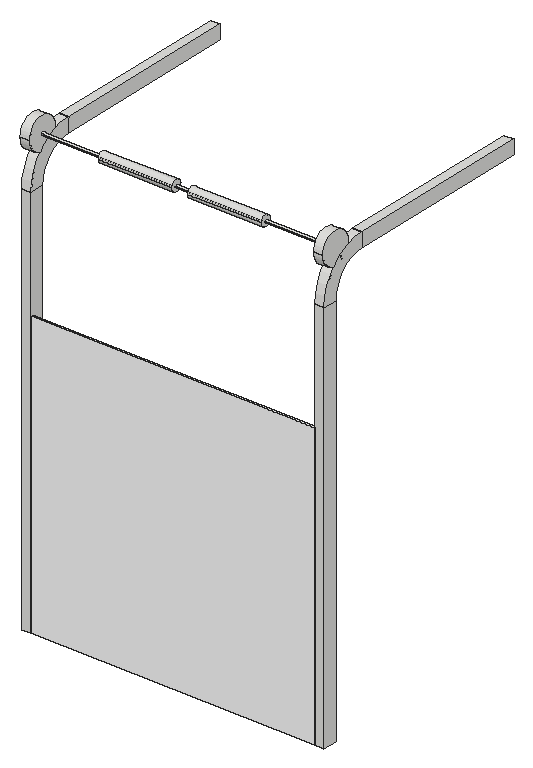
Revit family "Cruiserweight-NI-LH", category Generic Models, host Wall, Revit 2026
Family settings
  Host = Wall
  Can host rebar = No
  Round Connector Dimension = Use Diameter
  Part Type = Normal
  Always vertical = Yes
  Cut with Voids When Loaded = Yes
  Maintain Annotation Orientation = No
  Shared = No
  Room Calculation Point = No
Parameters (values of type "9' x 9'")
  VerticalTrack = TrackHeight - (1' 6")  # 12' - 6"
  Type Comments = "Non-Insulated"  # constant formula
  TrackWidth = 0' - 3 1/2"
  TrackHeight = OpeningHeight + HeadRoom  # 14' - 0"
  TrackDepth = 0' - 5 3/8"
  PanelSize = 2' - 0"  # constant formula
  OpeningWidth = 9' - 0"
  OpeningHeight = 9' - 0"
  Model = "Cruiserweight"  # constant formula
  Manufacturer = "TKO"  # constant formula
  HorizTrack = OpeningHeight - HeadRoom + 2' 0"  # 6' - 0"
  HeadRoom = 5' - 0"  # constant formula
  DoorThk = 0' - 0 3/4"  # constant formula
  Description = "Sectional Door"  # constant formula
  Default Elevation = 0' - 0"
Types (10): name | VerticalTrack | TrackHeight | OpeningWidth | OpeningHeight | HorizTrack
  (no name) | 12' - 6" | 14' - 0" | 9' - 0" | 9' - 0" | 6' - 0"
  8' x 10' | 13' - 6" | 15' - 0" | 8' - 0" | 10' - 0" | 7' - 0"
  9' x 10' | 13' - 6" | 15' - 0" | 9' - 0" | 10' - 0" | 7' - 0"
  10' x 10' | 13' - 6" | 15' - 0" | 10' - 0" | 10' - 0" | 7' - 0"
  10' x 8' | 11' - 6" | 13' - 0" | 10' - 0" | 8' - 0" | 5' - 0"
  10' x 9' | 12' - 6" | 14' - 0" | 10' - 0" | 9' - 0" | 6' - 0"
  8' x 9' | 12' - 6" | 14' - 0" | 8' - 0" | 9' - 0" | 6' - 0"
  8' x 8' | 11' - 6" | 13' - 0" | 8' - 0" | 8' - 0" | 5' - 0"
  9' x 9' | 12' - 6" | 14' - 0" | 9' - 0" | 9' - 0" | 6' - 0"
  9' x 8' | 12' - 6" | 14' - 0" | 9' - 0" | 9' - 0" | 6' - 0"
Reference planes (in)
  plane 1: y = 0
  plane 2 "Center (Left/Right)": x = 0
  plane 3 "Wall Edge": y = 3
  plane 4: x = -54
  plane 5: x = 54
  plane 6: z = 108
  plane 7: y = 3
  plane 8: y = 3.75
  plane 9: z = 24
  plane 10: z = 48
  plane 11: z = 72
  plane 12: x = -57.5
  plane 13: x = 57.5
  plane 14: y = 8.375
  plane 15: z = 168
  plane 16: z = 96
  plane 17: z = 120
  plane 18: x = -3
  plane 19: x = 3
  plane 20: x = 31
  plane 21: x = -31
  plane 22: z = 150
  plane 23: y = 21
  plane 24: y = 93
Forms (in)
  Extrusion 1, void
    sketch origin (0, 3, 0) x (1, 0, 0) y (0, 0, 1)
      loop
        line (54, 108) -> (-54, 108) -> (-54, 0) -> (54, 0) -> (54, 108)
    from 0 to 6
  Extrusion 2, solid, material "DOOR PANEL"
    sketch origin (0, 0, 0) x (1, 0, 0) y (0, 1, 0)
      loop
        line (-54, 3.75) -> (-54, 3) -> (54, 3) -> (54, 3.75) -> (-54, 3.75)
    from 0 to 108
  Extrusion 3, solid, material "Steel"
    sketch origin (0, 0, 0) x (1, 0, 0) y (0, 1, 0)
      loop
        line (-57.5, 8.375) -> (-57.5, 3) -> (-54, 3) -> (-54, 8.375) -> (-57.5, 8.375)
      loop
        line (54, 8.375) -> (54, 3) -> (57.5, 3) -> (57.5, 8.375) -> (54, 8.375)
    from 0 to 150
  Extrusion 4, solid, material "Steel"
    sketch origin (0, 0, 0) x (0, 1, 0) y (0, 0, 1)
      loop
        circle (8.375, 168) r 6
    from 54 to 57.5
  Extrusion 5, solid, material "Steel"
    sketch origin (0, -7.58278, 12.92056) x (0, 1, 0) y (0, 0, -1)
      loop
        circle (15.95778, -155.07944) r 6
    from 54 to 57.5
  Extrusion 6, solid, material "Steel"
    sketch origin (0, 0, 0) x (0, 1, 0) y (0, 0, 1)
      loop
        circle (8.375, 168) r 0.5
    from -54 to 54
  Extrusion 7, solid, material "Steel"
    sketch origin (0, 0, 0) x (0, 1, 0) y (0, 0, 1)
      loop
        circle (8.375, 168) r 2
    from 3 to 31
  Extrusion 8, solid, material "Steel"
    sketch origin (0, 0, 0) x (0, 1, 0) y (0, 0, -1)
      loop
        circle (8.375, -168) r 2
    from 3 to 31
  Extrusion 9, solid, material "Steel"
    sketch origin (0, 0, 0) x (0, 1, 0) y (0, 0, 1)
      loop
        line (3, 150) -> (8.375, 150)
        arc (8.375, 150) -> (12.07278, 158.92722) -> (21, 162.625) r 12.625
        line (21, 162.625) -> (21, 168)
        arc (21, 168) -> (8.27208, 162.72792) -> (3, 150) r 18
    from 54 to 57.5
  Extrusion 10, solid, material "Steel"
    sketch origin (0, 0, 0) x (0, 1, 0) y (0, 0, -1)
      loop
        arc (3, -150) -> (8.27208, -162.72792) -> (21, -168) r 18
        line (21, -168) -> (21, -162.625)
        arc (21, -162.625) -> (12.07278, -158.92722) -> (8.375, -150) r 12.625
        line (8.375, -150) -> (3, -150)
    from 54 to 57.5
  Extrusion 11, solid, material "Steel"
    sketch origin (0, 3, 0) x (1, 0, 0) y (0, 0, 1)
      loop
        line (-57.5, 168) -> (-57.5, 162.625) -> (-54, 162.625) -> (-54, 168) -> (-57.5, 168)
      loop
        line (57.5, 168) -> (54, 168) -> (54, 162.625) -> (57.5, 162.625) -> (57.5, 168)
    from -90 to -18
Cuts and joins
  joined: Extrusion 3, Extrusion 4, Extrusion 5
Lines and regions (in)
  model lines
    curve 1: line (54, 3, 24) -> (-54, 3, 24)
    curve 2: line (-54, 3, 48) -> (54, 3, 48)
    curve 3: line (54, 3, 72) -> (-54, 3, 72)
    curve 4: line (54, 3, 96) -> (-54, 3, 96)
    curve 5: line (54, 3, 120) -> (-54, 3, 120)
Text (in)
  text "Placement Side" at (0, 40.15149, 123.01588), in view "Right"
  text "Placement Side" at (-70.3804, 83.26548, 0), in view "Ref. Level"
  text "Placement Side" at (0, 81.62555, 140.59947), in view "Left"
Dimensions and locks (in)
  locked: plane 3 "Wall Edge" to host wall
  equal spacing: plane 5, plane 2 "Center (Left/Right)", plane 4
  "OpeningWidth": plane 5 to plane 4
  "DoorThk": plane 7 to plane 8
  "TrackDepth": plane 14 to plane 7
  "TrackWidth": plane 12 to plane 4
  "TrackWidth": plane 5 to plane 13
  "PanelSize": plane 9 to level
  equal spacing: plane 17, plane 16, plane 11, plane 10, plane 9, level
  "OpeningHeight": level to plane 6
  equal spacing: plane 18, plane 2 "Center (Left/Right)", plane 19, locked at 3 each
  locked: plane 21 to plane 18 at 28
  locked: plane 19 to plane 20 at 28
  "VerticalTrack": level to plane 22
  "HeadRoom": plane 6 to plane 15
  locked: plane 7 to plane 23 at 18
  "HorizTrack": plane 24 to plane 23
  radius of Extrusion 4 sketch curve = 0' - 6"
  radius of Extrusion 5 sketch curve = 0' - 6"
  radius of Extrusion 6 sketch curve = 0' - 0 1/2"
  radius of Extrusion 7 sketch curve = 0' - 2"
  radius of Extrusion 8 sketch curve = 0' - 2"
  radius of Extrusion 9 sketch curve = 1' - 6"
  radius of Extrusion 9 sketch curve = 1' - 0 5/8"
  radius of Extrusion 10 sketch curve = 1' - 6"
  radius of Extrusion 10 sketch curve = 1' - 0 5/8"
  aligned and locked: host wall to plane 7
  aligned and locked: Extrusion 1 sketch curve to plane 5
  aligned and locked: Extrusion 1 sketch curve to plane 4
  aligned and locked: Extrusion 1 to plane 7
  aligned and locked: host wall to Extrusion 1
  aligned and locked: Extrusion 2 to plane 3 "Wall Edge"
  aligned and locked: plane 8 to Extrusion 2
  aligned and locked: Extrusion 2 to plane 6
  aligned and locked: Extrusion 3 sketch curve to plane 14  (x2)
  aligned and locked: Extrusion 3 sketch curve to plane 12
  aligned and locked: curve 1 to Extrusion 3 sketch curve
  aligned and locked: plane 5 to Extrusion 3 sketch curve
  aligned and locked: Extrusion 3 sketch curve to plane 7
  aligned and locked: Extrusion 3 sketch curve to plane 13
  aligned and locked: plane 15 to Extrusion 4 sketch curve
  aligned and locked: Extrusion 4 to plane 13
  aligned and locked: Extrusion 4 to plane 5
  aligned and locked: plane 4 to Extrusion 5
  aligned and locked: Extrusion 5 to plane 12
  aligned and locked: curve 2 to plane 10
  aligned and locked: curve 3 to plane 11
  aligned and locked: curve 1 to plane 9
  aligned and locked: plane 5 to Extrusion 6
  aligned and locked: Extrusion 6 to plane 4
  aligned and locked: cut or joined group of Extrusion 3, Extrusion 4, Extrusion 5 to level
  aligned and locked: Extrusion 2 to level
  aligned and locked: curve 4 to plane 16
  aligned and locked: curve 5 to plane 17
  aligned and locked: level to Extrusion 2
  aligned and locked: Extrusion 1 sketch curve to level
  aligned and locked: Extrusion 1 sketch curve to plane 6
  aligned and locked: plane 15 to Extrusion 7 sketch curve
  aligned and locked: plane 14 to Extrusion 7 sketch curve
  aligned and locked: Extrusion 7 to plane 20
  aligned and locked: plane 19 to Extrusion 7
  aligned and locked: Extrusion 8 to plane 18
  aligned and locked: plane 21 to Extrusion 8
  aligned and locked: plane 15 to Extrusion 8 sketch curve
  aligned and locked: Extrusion 8 sketch curve to plane 14
  aligned and locked: plane 22 to cut or joined group of Extrusion 3, Extrusion 4, Extrusion 5
  aligned and locked: plane 23 to Extrusion 9 sketch curve
  aligned and locked: plane 22 to Extrusion 9 sketch curve
  aligned and locked: Extrusion 9 sketch curve to plane 23
  aligned and locked: cut or joined group of Extrusion 3, Extrusion 4, Extrusion 5 to Extrusion 9
  aligned and locked: Extrusion 9 to plane 5
  aligned and locked: plane 4 to Extrusion 10
  aligned and locked: plane 13 to Extrusion 9
  aligned and locked: plane 5 to Extrusion 9
  aligned and locked: Extrusion 11 sketch curve to Extrusion 10  (x4)
  aligned and locked: Extrusion 11 sketch curve to Extrusion 9  (x3)
  aligned and locked: Extrusion 9 to Extrusion 11 sketch curve
  aligned and locked: plane 24 to Extrusion 11
  aligned and locked: Extrusion 11 to plane 23
  aligned and locked: Extrusion 10 to plane 12
  aligned and locked: Extrusion 10 to plane 4
  aligned and locked: plane 15 to Extrusion 5 sketch curve
  aligned and locked: Extrusion 2 to plane 4
  aligned and locked: Extrusion 2 to plane 5
  aligned and locked: cut or joined group of Extrusion 3, Extrusion 4, Extrusion 5 to plane 4
Automatic sketch dimensions
  Extrusion 2 sketch curve to host wall = 0' - 0"
  Extrusion 2 sketch curve to plane 4 = 0' - 0"
  plane 5 to Extrusion 2 sketch curve = 0' - 0"
  Extrusion 2 sketch curve to plane 8 = 0' - 0"
  curve 3 to plane 4 = 0' - 0"
  curve 1 to plane 4 = 0' - 0"
  curve 2 to plane 4 = 0' - 0"
  curve 4 to plane 4 = 0' - 0"
  curve 5 to plane 4 = 0' - 0"
  curve 4 to plane 5 = 0' - 0"
  curve 2 to plane 5 = 0' - 0"
  curve 5 to plane 5 = 0' - 0"
  curve 1 to plane 5 = 0' - 0"
  curve 3 to plane 5 = 0' - 0"
  plane 4 to Extrusion 3 sketch curve = 0' - 0"
  Extrusion 3 sketch curve to plane 13 = 0' - 0"
  Extrusion 6 sketch curve to plane 15 = 0' - 0"
  Extrusion 10 sketch curve to Extrusion 10 sketch curve = 0' - 0"  (x2)
  Extrusion 10 sketch curve to host wall = 0' - 0"
  Extrusion 10 sketch curve to plane 15 = 0' - 0"
  Extrusion 5 sketch curve to plane 14 = 0' - 0"
  Extrusion 4 sketch curve to plane 14 = 0' - 0"
  Extrusion 6 sketch curve to plane 14 = 0' - 0"
